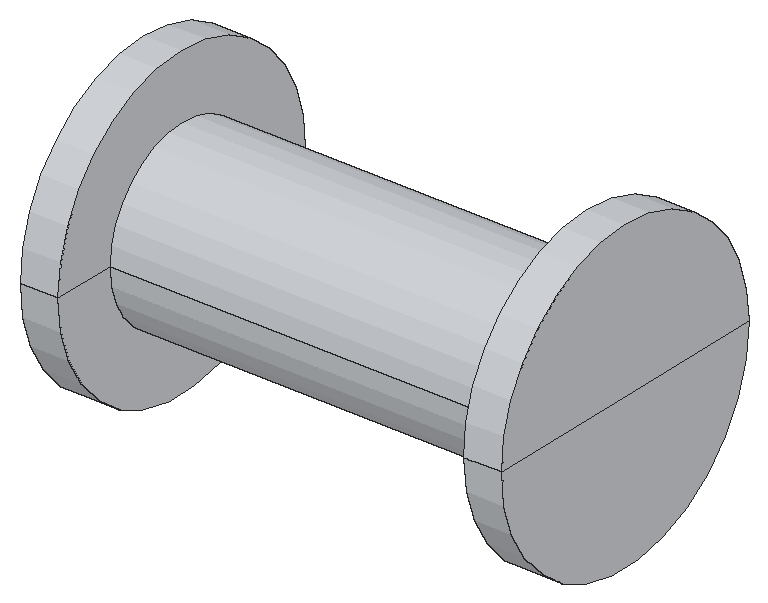
Revit family "cc3375aa7f1246d0aac16c7d8ee07e0c", category Pipe Fittings, Revit 2021
Family settings
  Round Connector Dimension = Use Radius
  Part Type = Union
  OmniClass Number = 23.60.30.11.14
  OmniClass Title = Pipework Fittings
  Seek Item ID = Coupling - Generic-0000-USA-ENU
  Work Plane-Based = No
  Always vertical = Yes
  Cut with Voids When Loaded = No
  Shared = No
Parameters (values of type "Standard")
  Tick Size [instance] = Socket Outside Diameter * 0.4  # 1.7920"
  Socket Outside Radius [instance] = Socket Outside Diameter / 2  # 2.2400"
  Socket Outside Diameter [instance] = size_lookup(Lookup Table Name, "SOD", 1.08 * Nominal Diameter + 1.1200", Nominal Diameter)  # 4.4800"
  Nominal Radius [instance] = 1.5000"
  Nominal Diameter [instance] = Nominal Radius * 2  # 3.0000"
  Loss Method = K Coefficient from Table
  Lookup Table Name = "Sleeve Long Solid - MJ - GI - Class 250"
  Length Not Found [instance] = if(Nominal Diameter < 14.0000", 12.0000", if(Nominal Diameter < 30.0000", 15.0000", 24.0000"))  # 12.0000"
  Length [instance] = size_lookup(Lookup Table Name, "Lgt", Length Not Found, Nominal Diameter)  # 12.0000"
  K Coefficient Table = "Reducer/Coupling/Union/Increaser"
  Gland Width [instance] = size_lookup(Lookup Table Name, "GWid", 0.03 * Nominal Diameter + 0.9400", Nominal Diameter)  # 0.9400"
  Gland Outside Radius [instance] = Gland Outside Diameter / 2  # 3.8450"
  Gland Outside Diameter [instance] = size_lookup(Lookup Table Name, "GOD", 1.16 * Nominal Diameter + 4.0300", Nominal Diameter)  # 7.6900"
  Default Elevation = 0.0000"
Reference planes (in)
  plane 1 "Center (Front/Back)": y = 0
  plane 2: z = 0
  plane 3 "Center (Left/Right)": x = 0
  plane 4: x = -6
  plane 5: x = 6
  plane 6: y = 1.792
  plane 7: y = -1.792
  plane 8: y = 2.24
  plane 9: y = 3.845
  plane 10: x = -5.06
  plane 11: x = 5.06
Forms (in)
  Revolve 1, solid, detail levels fine
    sketch origin (0, 0, 0) x (1, 0, 0) y (0, 1, 0)
      loop
        line (-6, 0) -> (6, 0) -> (6, 3.845) -> (5.06, 3.845) -> (5.06, 2.24) -> (-5.06, 2.24) -> (-5.06, 3.845) -> (-6, 3.845) -> (-6, 0)
      axis (-6, 0) -> (6, 0)
    angle from 0 to 360
Lines and regions (in)
  model lines, detail levels coarse+medium
    curve 1: line (-6, 0, 0) -> (6, 0, 0)
    curve 2: line (-6, 1.792, 0) -> (-6, -1.792, 0)
    curve 3: line (6, 1.792, 0) -> (6, -1.792, 0)
Dimensions and locks (in)
  equal spacing: plane 4, plane 3 "Center (Left/Right)", plane 5
  "Length": plane 4 to plane 5
  "Tick Size": plane 6 to plane 1 "Center (Front/Back)"
  "Tick Size": plane 7 to plane 1 "Center (Front/Back)"
  "Socket Outside Radius": plane 8 to plane 1 "Center (Front/Back)"
  "Gland Outside Radius": plane 9 to plane 1 "Center (Front/Back)"
  "Gland Width": plane 4 to plane 10
  "Gland Width": plane 11 to plane 5
  aligned and locked: plane 6 to curve 2
  aligned and locked: plane 7 to curve 2
  aligned and locked: curve 2 to plane 4
  aligned and locked: plane 6 to curve 3
  aligned and locked: plane 7 to curve 3
  aligned and locked: plane 5 to curve 3
  aligned and locked: plane 4 to curve 1
  aligned and locked: plane 5 to curve 1
  aligned and locked: plane 1 "Center (Front/Back)" to curve 1
  aligned and locked: plane 1 "Center (Front/Back)" to Revolve 1 sketch curve
  aligned and locked: plane 5 to Revolve 1 sketch curve
  aligned and locked: plane 11 to Revolve 1 sketch curve
  aligned and locked: Revolve 1 sketch curve to plane 9  (x2)
  aligned and locked: Revolve 1 sketch curve to plane 8
  aligned and locked: Revolve 1 sketch curve to plane 10
  aligned and locked: plane 4 to Revolve 1 sketch curve
  aligned and locked: Revolve 1 sketch curve to Revolve 1 sketch curve
Automatic sketch dimensions
  Revolve 1 sketch curve to plane 4 = 4.7500"
  Revolve 1 sketch curve to Revolve 1 sketch curve = 6.7500"
Connectors (in)
  piping at (-6, 0, 0), diameter 3, driven by "Nominal Radius"
    settings: on Revolve 1, index 1, connector inside diameter 3.0000", connector length 0.0000", flow factor 0, pipe flow 0 GPM, pressure drop 0.00 psi, fitting loss kfactor 0, connector angle 0.00°, fixture units 0, engagement length 0.0000", angle of deflection 0.00°, flow configuration 0, flow direction 0, fitting loss method 0, system type 28, joint type 0, gender type 0, connector reference index 2, connector utility 0, adjustable connector no, is connector primary yes, connector description ""
  piping at (6, 0, 0), diameter 3, driven by "Nominal Radius"
    settings: on Revolve 1, index 2, connector inside diameter 3.0000", connector length 0.0000", flow factor 0, pipe flow 0 GPM, pressure drop 0.00 psi, fitting loss kfactor 0, connector angle 0.00°, fixture units 0, engagement length 0.0000", angle of deflection 0.00°, flow configuration 0, flow direction 0, fitting loss method 0, system type 28, joint type 0, gender type 0, connector reference index 1, connector utility 0, adjustable connector no, is connector primary no, connector description ""
